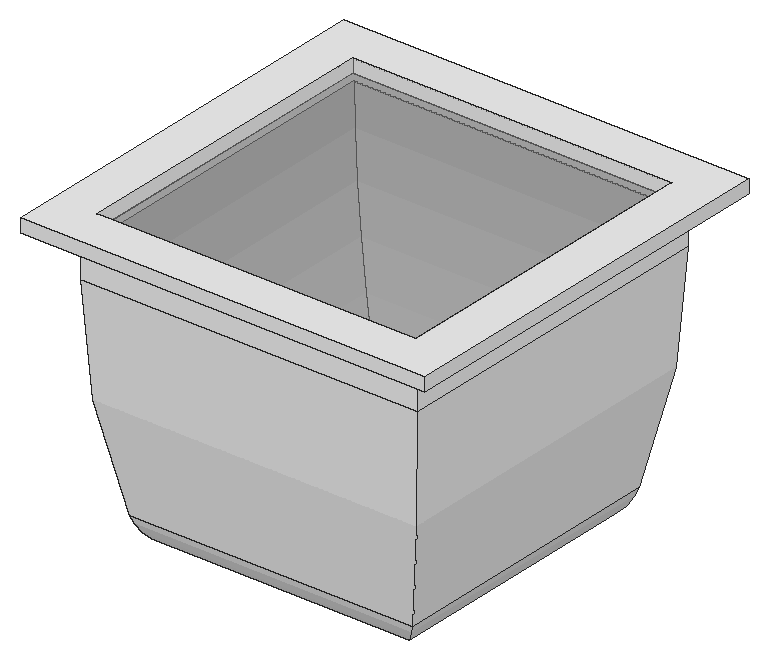
Revit family "3097104 Lighting Fixture_Sylvania_Insaver LED 75 Square White Bezel_Ceiling Recessed", category Lighting Fixtures, host Face, Revit 2017
Family settings
  Host = Face
  Round Connector Dimension = Use Diameter
  Part Type = Normal
  OmniClass Number = 23.80.70.11.17
  OmniClass Title = Specialized Lighting by Location or Use
  Cut with Voids When Loaded = No
  Light Source = Yes
  Shared = No
  Room Calculation Point = No
Parameters (values of type "Insaver 75 LED SQ WW DB WH")
  Width = Length  # 90.0 mm
  Weight = 0.40 kg
  Wattage = 16 W
  built-in parameter 1150110 = 1 (stored number, unit not read)
  Voltage Comments = "UNV (Universal Voltage; 220-240 Volt)"  # constant formula
  Voltage = 240 V  # constant formula
  URL = "http://www.sylvania-lighting.com"
  built-in parameter 1114217 = 1 (stored number, unit not read)
  Tilt Angle = -90.00°  # constant formula
  built-in parameter 1150109 = 1 (stored number, unit not read)
  built-in parameter 1150134 = 12
  built-in parameter 1150113 = 1 (stored number, unit not read)
  Reflector Material = Metal_Sylvania_Insaver 75 LED_Silver
  Product Page URL = "http://www.sylvania-lighting.com/product/en-int/products/3097104"
  Product Family = "Insaver 75 LED Square White Bezel"  # constant formula
  Photometry Comments = ""
  Photometric Web File = "3097104_Insaver75LEDSQWWDBWH-185552.ies"
  built-in parameter 1150105 = 71.149 (stored number, unit not read)
  Lumens = 894.08 lm
  built-in parameter 1150115 = 1 (stored number, unit not read)
  built-in parameter 1150137 = (empty or 0)
  built-in parameter 1150139 = (empty or 0)
  Life = "50 000h"  # constant formula
  Length = 90.0 mm
  built-in parameter 1150112 = 1 (stored number, unit not read)
  built-in parameter 1150114 = 1 (stored number, unit not read)
  built-in parameter 1150132 = 2
  built-in parameter 1150102 = (empty or 0)
  built-in parameter 1150107 = 4000 (stored number, unit not read)
  built-in parameter 1150138 = (empty or 0)
  built-in parameter 1150106 = 0.71149 (stored number, unit not read)
  IK Rating = "IK02"  # constant formula
  Emit from Rectangle Width = Cutout Width - 8.0 mm  # 67.0 mm
  Emit from Rectangle Length = Cutout Length - 8.0 mm  # 67.0 mm
  Emit Shape Visible in Rendering = no
  built-in parameter 1150104 = 5.1914 (stored number, unit not read)
  Drive Current = "350mA"  # constant formula
  Dimming Lamp Color Temperature Shift = <None>
  Cutout Width = Cutout Length  # 75.0 mm
  Cutout Length = Length - 15.0 mm  # 75.0 mm
  Color Filter = 16777215
  CRI ( Ra ) = 80
  Body Material = Aluminum_Sylvania_Insaver 75 LED_White
  Beam Angle = "Wide"  # constant formula
  built-in parameter 1114218 = 1 (stored number, unit not read)
  built-in parameter 1150133 = 10 (stored number, unit not read)
  IP Rating = "IP65"  # constant formula
  Height = 65.0 mm
  Electrical Protection = "CLASS II"  # constant formula
  built-in parameter 1114216 [instance] = 1 (stored number, unit not read)
  Model = "3097104 Insaver 75 LED SQ WW DB WH"
  Manufacturer = "Feilo Sylvania"
  Lamp = "Integrated LED"
  Diffuser Material = Polycarbonate_Sylvania_Insaver 75 LED_Clear
  Description = "16W to 38W LED white downlight. Harnesing the power of Mid Power LEDs. Ideal for applications such as reception areas, offices, general public circulation areas, corridors or and any location that requires long service hours and high switching cycles. Choice of 3,000K warm white or 4,000K neutral white colour temperature. IP44 with accessory. IP65 as standard on Insaver 75. High lumen output - up to 2,922lm. Cost effective product - will help you comply with Building regulations - up to 73lm/W. Available in Low profile as well as well as Low glare versions. Available in DALI versions. Available in Emergency versions. Quick and easy to install. LED technology provides energy efficient solution and reduced maintenance costs and long lifetime. To discover for yourself how much your business can save on its energy bills, simply visit our online Savings Calculator at: www.havells-sylvania.com"  # constant formula
  Default Elevation = 0.0 mm
  built-in parameter 1140040 [instance] = 1
  Assembly Code = "D5020200"
  Apparent Load Comments = ""
  Apparent Load = 16 VA
Reference planes
  plane 1 "Center (Front/Back)": y = 0
  plane 2: z = 0
  plane 3 "Center (Left/Right)": x = 0
  plane 4 "Fixture Left": x = -45
  plane 5 "Fixture Front": y = -45
  plane 6 "Fixture Back": y = 45
  plane 7 "Fixture Right": x = 45
  plane 8: x = -37.5
  plane 9: x = 37.5
  plane 10: y = 37.5
  plane 11: y = -37.5
  plane 12 "Fixture Bottom": z = 3
  plane 13: y = 35.5
  plane 14: y = -35.5
  plane 15: x = 35.5
  plane 16: x = -35.5
  plane 17 "Fixture Top": z = -65
  plane 18: z = -40
  plane 19: x = -13.5
  plane 20: x = 13.5
  plane 21: x = -33.5
  plane 22: x = 33.5
  plane 23: y = 33.5
  plane 24: y = -33.5
  plane 25: y = 13.5
  plane 26: y = -13.5
  plane 27: z = -37.61
  plane 28: z = -63
Forms (mm)
  Extrusion 1, solid, material "Aluminum_Sylvania_Insaver 75 LED_White" <- "Body Material", detail levels fine
    sketch origin (0, 0, 58) x (-1, 0, 0) y (0, -1, 0)
      loop
        line (45, -45) -> (45, 45) -> (-45, 45) -> (-45, -45) -> (45, -45)
      loop
        line (35.5, -35.5) -> (35.5, 35.5) -> (-35.5, 35.5) -> (-35.5, -35.5) -> (35.5, -35.5)
    from -58 to -55
  Sweep 2, solid, material "Metal_Sylvania_Insaver 75 LED_Silver" <- "Reflector Material", detail levels fine
    path origin (0, 0, 58) x (-1, 0, 0) y (0, -1, 0)
      loop
        line (-33.5, -33.5) -> (33.5, -33.5) -> (33.5, 33.5) -> (-33.5, 33.5) -> (-33.5, -33.5)
    profile origin (0, 33.5, 58) x (0, -1, 0) y (0, 0, 1)
      loop
        arc (-2, -58) -> (3.863, -80.825) -> (20, -98) r 47.364
        line (20, -98) -> (20, -95.61)
        arc (20, -95.61) -> (5.311, -79.299) -> (0, -58) r 45.364
        line (0, -58) -> (-2, -58)
  Extrusion 3, solid, material "Metal_Sylvania_Insaver 75 LED_Silver" <- "Reflector Material", detail levels fine
    sketch origin (0, 0, 58) x (-1, 0, 0) y (0, -1, 0)
      loop
        line (13.5, -13.5) -> (13.5, 13.5) -> (-13.5, 13.5) -> (-13.5, -13.5) -> (13.5, -13.5)
    from -98 to -95.61
  Extrusion 4, void
    sketch origin (0, 0, 58) x (-1, 0, 0) y (0, -1, 0)
      loop
        line (37.5, -37.5) -> (37.5, 37.5) -> (-37.5, 37.5) -> (-37.5, -37.5) -> (37.5, -37.5)
    from -123 to -58
  Sweep 5, solid, material "Aluminum_Sylvania_Insaver 75 LED_White" <- "Body Material"
    path origin (0, 0, 58) x (-1, 0, 0) y (0, -1, 0)
      loop
        line (37.5, -37.5) -> (37.5, 37.5) -> (-37.5, 37.5) -> (-37.5, -37.5) -> (37.5, -37.5)
    profile origin (0, 37.5, 58) x (0, 1, 0) y (0, 0, 1)
      loop
        line (-2, -58) -> (-2, -68)
        arc (-2, -68) -> (-3.484, -91.677) -> (-7.914, -114.983) r 189.584
        arc (-7.914, -114.983) -> (-10.758, -119.319) -> (-15.664, -121) r 8
        line (-15.664, -121) -> (-24, -121) -> (-24, -123) -> (-15.664, -123)
        arc (-15.664, -123) -> (-9.532, -120.899) -> (-5.976, -115.478) r 10
        arc (-5.976, -115.478) -> (-1.5, -91.926) -> (0, -68) r 191.584
        line (0, -68) -> (0, -58) -> (-2, -58)
  Extrusion 6, solid, material "Aluminum_Sylvania_Insaver 75 LED_White" <- "Body Material"
    sketch origin (0, 0, 58) x (-1, 0, 0) y (0, -1, 0)
      loop
        line (13.5, -13.5) -> (13.5, 13.5) -> (-13.5, 13.5) -> (-13.5, -13.5) -> (13.5, -13.5)
    from -123 to -121
  Extrusion 7, solid, material "Polycarbonate_Sylvania_Insaver 75 LED_Clear" <- "Diffuser Material", detail levels fine
    sketch origin (0, 0, 58) x (-1, 0, 0) y (0, -1, 0)
      loop
        line (35.5, -35.5) -> (35.5, 35.5) -> (-35.5, 35.5) -> (-35.5, -35.5) -> (35.5, -35.5)
    from -58 to -55
  Extrusion 8, solid, material "Aluminum_Sylvania_Insaver 75 LED_White" <- "Body Material", detail levels coarse+medium
    sketch origin (0, 0, 58) x (-1, 0, 0) y (0, -1, 0)
      loop
        line (45, -45) -> (45, 45) -> (-45, 45) -> (-45, -45) -> (45, -45)
    from -58 to -55
Cuts and joins
  joined: Sweep 2, Extrusion 3
  joined: Sweep 5, Extrusion 6
Dimensions and locks
  equal spacing: plane 4 "Fixture Left", plane 3 "Center (Left/Right)", plane 7 "Fixture Right"
  "Length": plane 4 "Fixture Left" to plane 7 "Fixture Right"
  equal spacing: plane 6 "Fixture Back", plane 1 "Center (Front/Back)", plane 5 "Fixture Front"
  "Width": plane 6 "Fixture Back" to plane 5 "Fixture Front"
  equal spacing: plane 8, plane 3 "Center (Left/Right)", plane 9
  "Cutout Length": plane 8 to plane 9
  equal spacing: plane 10, plane 1 "Center (Front/Back)", plane 11
  "Cutout Width": plane 10 to plane 11
  locked: plane 12 "Fixture Bottom" to plane 2 at 3
  locked: plane 8 to plane 16 at 2
  locked: plane 15 to plane 9 at 2
  locked: plane 10 to plane 13 at 2
  locked: plane 11 to plane 14 at 2
  "Height": plane 2 to plane 17 "Fixture Top"
  locked: plane 13 to plane 23 at 2
  locked: plane 14 to plane 24 at 2
  locked: plane 16 to plane 21 at 2
  locked: plane 22 to plane 15 at 2
  locked: plane 21 to plane 19 at 20
  locked: plane 20 to plane 22 at 20
  locked: plane 23 to plane 25 at 20
  locked: plane 24 to plane 26 at 20
  plane 10 to plane 11 = 75.0 mm
  plane 2 to Sweep 5 sketch curve = 10.0 mm
  locked: plane 28 to plane 17 "Fixture Top" at 2
  locked: Sweep 5 sketch curve to plane 28 at 5.522
  locked: Sweep 5 sketch curve to plane 28 at 6.017
  aligned and locked: host face to plane 2
  aligned and locked: host face to level
  aligned and locked: plane 3 "Center (Left/Right)" to imposter light
  aligned and locked: imposter light to plane 1 "Center (Front/Back)"
  aligned and locked: Extrusion 1 sketch curve to plane 6 "Fixture Back"
  aligned and locked: plane 4 "Fixture Left" to Extrusion 1 sketch curve
  aligned and locked: plane 5 "Fixture Front" to Extrusion 1 sketch curve
  aligned and locked: plane 7 "Fixture Right" to Extrusion 1 sketch curve
  aligned and locked: Extrusion 1 to plane 2
  aligned and locked: plane 12 "Fixture Bottom" to Extrusion 1
  aligned and locked: Extrusion 1 sketch curve to plane 13
  aligned and locked: Extrusion 1 sketch curve to plane 16
  aligned and locked: Extrusion 1 sketch curve to plane 14
  aligned and locked: plane 15 to Extrusion 1 sketch curve
  aligned and locked: plane 23 to Sweep 2 sketch curve
  aligned and locked: plane 22 to Sweep 2 sketch curve
  aligned and locked: plane 24 to Sweep 2 sketch curve
  aligned and locked: Sweep 2 sketch curve to plane 21
  aligned and locked: plane 13 to Sweep 2 sketch curve
  aligned and locked: plane 18 to Sweep 2 sketch curve
  aligned and locked: plane 25 to Sweep 2 sketch curve
  aligned and locked: Sweep 2 sketch curve to plane 2
  aligned and locked: plane 27 to Sweep 2
  aligned and locked: Extrusion 3 sketch curve to plane 20
  aligned and locked: plane 19 to Extrusion 3 sketch curve
  aligned and locked: Extrusion 3 sketch curve to plane 25
  aligned and locked: Extrusion 3 sketch curve to plane 26
  aligned and locked: Extrusion 3 to plane 18
  aligned and locked: plane 27 to Extrusion 3
  aligned and locked: plane 8 to Extrusion 4 sketch curve
  aligned and locked: plane 9 to Extrusion 4 sketch curve
  aligned and locked: Extrusion 4 sketch curve to plane 10
  aligned and locked: Extrusion 4 sketch curve to plane 11
  aligned and locked: Extrusion 4 to plane 17 "Fixture Top"
  aligned and locked: level to Extrusion 4
  aligned and locked: Sweep 5 sketch curve to plane 10
  aligned and locked: plane 8 to Sweep 5 sketch curve
  aligned and locked: Sweep 5 sketch curve to plane 11
  aligned and locked: plane 9 to Sweep 5 sketch curve
  aligned and locked: Sweep 5 sketch curve to plane 2
  aligned and locked: plane 10 to Sweep 5 sketch curve
  aligned and locked: plane 13 to Sweep 5 sketch curve
  aligned and locked: Extrusion 6 sketch curve to plane 20
  aligned and locked: plane 19 to Extrusion 6 sketch curve
  aligned and locked: Extrusion 6 sketch curve to plane 25
  aligned and locked: Extrusion 6 sketch curve to plane 26
  aligned and locked: Extrusion 6 to plane 17 "Fixture Top"
  aligned and locked: plane 28 to Extrusion 6
  aligned and locked: Extrusion 7 sketch curve to plane 16
  aligned and locked: Extrusion 7 sketch curve to plane 13
  aligned and locked: plane 15 to Extrusion 7 sketch curve
  aligned and locked: Extrusion 7 sketch curve to plane 14
  aligned and locked: Extrusion 7 to plane 2
  aligned and locked: plane 12 "Fixture Bottom" to Extrusion 7
  aligned and locked: plane 7 "Fixture Right" to Extrusion 8 sketch curve
  aligned and locked: plane 5 "Fixture Front" to Extrusion 8 sketch curve
  aligned and locked: plane 4 "Fixture Left" to Extrusion 8 sketch curve
  aligned and locked: Extrusion 8 sketch curve to plane 6 "Fixture Back"
  aligned and locked: Extrusion 8 to plane 2
  aligned and locked: plane 12 "Fixture Bottom" to Extrusion 8
  aligned and locked: plane 28 to Sweep 5 sketch curve
  aligned and locked: plane 17 "Fixture Top" to Sweep 5 sketch curve
  aligned and locked: imposter light to plane 12 "Fixture Bottom"
Automatic sketch dimensions
  host sketch curve to host sketch curve = 700.0 mm
  host sketch curve to host sketch curve = 620.0 mm
  Sweep 2 sketch curve to Sweep 2 sketch curve = 0.0 mm
  Sweep 2 sketch curve to profile plane = 0.0 mm
  profile plane to Sweep 5 sketch curve = 24.0 mm
  Sweep 5 sketch curve to Sweep 5 sketch curve = 0.0 mm  (x4)
  Sweep 5 sketch curve to Sweep 5 sketch curve = 1.938 mm
Connectors
  electrical at (0, 0, -65), driven by "Voltage", driven by "Apparent Load"
    settings: on Extrusion 6, index 1, voltage 240 V, apparent load 0 VA, apparent load phase1 16 VA, apparent load phase2 0 VA, apparent load phase3 0 VA, power factor 1, load classification "Lighting", number of poles 1, system type 31, power factor state 1, is connector primary yes, connector utility no, sub classification motor no, connector description ""
